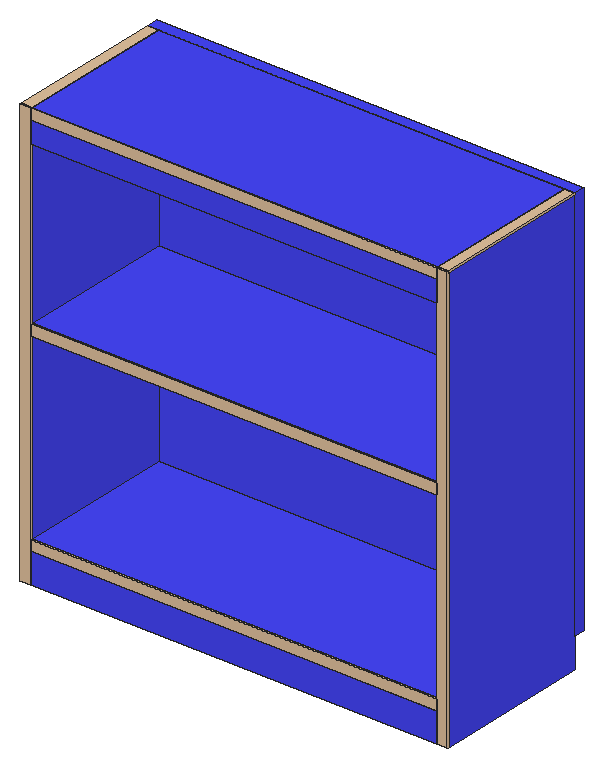
Revit family "Bookcases", category Generic Models, Revit 2012
Parameters (values of type "30"")
  Width = 30.00"
  URL = "http://www.wengercorp.com/Home/Contact.html"
  Trim Material = Trim
  Shelf Width = Width - 1.50"  # 28.50"
  Shelf Array = 3
  Part Number = "164D002"
  Panel Laminet = Panel
  Panel Depth = Depth - 0.75"  # 11.25"
  Model = "30\""
  Manufacturer = "Wenger Corporation"
  Height = 30.00"
  Description = "Bookcase"
  Depth = 12.00"
Types (4): name | Shelf Array | Part Number | Model | Height
  30" | 3 | "164D002" | "30\"" | 30.00"
  36" | 4 | "164D003" | "36\"" | 36.00"
  48" | 5 | "164D004" | "48\"" | 48.00"
  72" | 7 | "164D006" | "72\"" | 72.00"
Reference planes (in)
  plane 1 "Center (Front/Back)": y = 0
  plane 2: z = 0
  plane 3 "Center (Left/Right)": x = 0
  plane 4: y = 12
  plane 5: x = 30
  plane 6: z = 30
  plane 7: x = 0.75
  plane 8: x = 29.25
  plane 9: y = 11.25
  plane 10: z = 2.125
  plane 11: y = 0.75
  plane 12: z = 29.25
  plane 13: z = 27.75
Forms (in)
  Extrusion 1, solid, material "Panel" <- "Panel Laminet"
    sketch origin (0, 0, 0) x (1, 0, 0) y (0, 1, 0)
      loop
        line (0, 12) -> (0, 11.25) -> (30, 11.25) -> (30, 12) -> (0, 12)
    from 2.125 to 30 <- "Height"
  Extrusion 2, solid, material "Panel" <- "Panel Laminet"
    sketch origin (0, 0, 0) x (1, 0, 0) y (0, 1, 0)
      loop
        line (0.75, 0.75) -> (0.75, 0) -> (29.25, 0) -> (29.25, 0.75) -> (0.75, 0.75)
    from 0 to 2.125
  Extrusion 3, solid, material "Panel" <- "Panel Laminet"
    sketch origin (-10.24788, -180, 27.75) x (-1, 0, 0) y (0, -1, 0)
      loop
        line (-10.99788, -180.75) -> (-10.99788, -180) -> (-39.49788, -180) -> (-39.49788, -180.75) -> (-10.99788, -180.75)
    from 0 to 1.5
Dimensions and locks (in)
  "Width": plane 3 "Center (Left/Right)" to plane 5
  "Depth": plane 1 "Center (Front/Back)" to plane 4
  locked: plane 3 "Center (Left/Right)" to plane 7 at 0.75
  locked: plane 8 to plane 5 at 0.75
  locked: plane 4 to plane 9 at 0.75
  locked: plane 10 to level at 2.125
  locked: plane 11 to plane 1 "Center (Front/Back)" at 0.75
  equal spacing: group 1, group 3, group 2  (x3)
  "Height": plane 6 to level
  locked: plane 12 to plane 13 at 1.5
  locked: plane 6 to plane 12 at 0.75
  aligned and locked: plane 2 to level
  aligned and locked: plane 5 to nested 2
  aligned and locked: plane 3 "Center (Left/Right)" to nested 1
  aligned and locked: Extrusion 1 sketch curve to plane 4
  aligned and locked: plane 3 "Center (Left/Right)" to Extrusion 1 sketch curve
  aligned and locked: Extrusion 1 sketch curve to nested 2  (x2)
  aligned and locked: Extrusion 1 to plane 10
  aligned and locked: Extrusion 2 sketch curve to plane 11
  aligned and locked: plane 7 to Extrusion 2 sketch curve
  aligned and locked: Extrusion 2 sketch curve to nested 3
  aligned and locked: Extrusion 2 sketch curve to nested 2
  aligned and locked: plane 10 to Extrusion 2
  aligned and locked: plane 6 to nested 4
  aligned and locked: plane 12 to nested 4
  aligned and locked: plane 7 to Extrusion 3 sketch curve
  aligned and locked: Extrusion 3 sketch curve to plane 11
  aligned and locked: Extrusion 3 sketch curve to plane 1 "Center (Front/Back)"
  aligned and locked: Extrusion 3 sketch curve to plane 8
Nested families (in)
  nested 1: "Panel" at (0, 0, 0), type "Panel"
    with Panel Depth 11.25"
  nested 2: "Panel" at (29.25, 0, 0), type "Panel"
    with Panel Depth 11.25"
  nested 3: "Shelf" at (0.75, 0, 2.125), type "Shelf"
  nested 4: "Shelf" at (0.75, 0, 29.25), type "Shelf"
  nested 5: "Shelf" at (0.75, 0, 15.6875), type "Shelf"
Definition of nested family "Panel"
  Parameters (values of type "Panel")
    Trim Material = none
    Panel Width = 0.75"
    Shelf Material = none
    Panel Height trim = 30.00"
    Panel Depth = 12.00"
  Reference planes (in)
    plane 1 "Center (Front/Back)": y = 0
    plane 2: z = 0
    plane 3 "Center (Left/Right)": x = 0
    plane 4: y = 12
    plane 5: x = 0.75
    plane 6: y = 0.125
    plane 7: z = 29.875
    plane 8: z = 30
  Forms (in)
    Extrusion 1, solid, material <- "Shelf Material"
      sketch origin (0, 0, 0) x (1, 0, 0) y (0, 1, 0)
        loop
          line (0, 12) -> (0, 0.125) -> (0.75, 0.125) -> (0.75, 12) -> (0, 12)
      from 0 to 29.875
    Extrusion 2, solid, material <- "Trim Material"
      sketch origin (0, 0, 0) x (1, 0, 0) y (0, 1, 0)
        loop
          line (0, 0.125) -> (0, 0) -> (0.75, 0) -> (0.75, 0.125) -> (0, 0.125)
      from 0 to 30 <- "Panel Height trim"
    Extrusion 3, solid, material <- "Trim Material"
      sketch origin (0, -7.18285, 29.875) x (0, -1, 0) y (1, 0, 0)
        loop
          line (-19.18285, 0) -> (-7.30785, 0) -> (-7.30785, 0.75) -> (-19.18285, 0.75) -> (-19.18285, 0)
      from 0 to 0.125
  Dimensions and locks (in)
    "Panel Width": plane 3 "Center (Left/Right)" to plane 5
    "Panel Depth": plane 1 "Center (Front/Back)" to plane 4
    plane 1 "Center (Front/Back)" to plane 6 = 0.125"
    locked: plane 8 to plane 7 at 0.125
    "Panel Height trim": plane 8 to level
    locked: plane 1 "Center (Front/Back)" to plane 6 at 0.125
    aligned and locked: plane 2 to level
    aligned and locked: Extrusion 1 sketch curve to plane 4
    aligned and locked: plane 3 "Center (Left/Right)" to Extrusion 1 sketch curve
    aligned and locked: Extrusion 1 sketch curve to plane 5
    aligned and locked: plane 6 to Extrusion 1 sketch curve
    aligned and locked: Extrusion 2 sketch curve to Extrusion 1  (x2)
    aligned and locked: Extrusion 2 sketch curve to plane 1 "Center (Front/Back)"
    aligned and locked: Extrusion 2 sketch curve to plane 5
    aligned and locked: plane 7 to Extrusion 1
    aligned and locked: Extrusion 3 sketch curve to Extrusion 1  (x3)
    aligned and locked: plane 6 to Extrusion 3 sketch curve
Definition of nested family "Shelf"
  Parameters (values of type "Shelf")
    Trim Material = none
    Shelf Width = 28.50"
    Shelf Material = none
    Shelf Depth = 11.25"
  Reference planes (in)
    plane 1 "Center (Front/Back)": y = 0
    plane 2: z = 0
    plane 3 "Center (Left/Right)": x = 0
    plane 4: y = 11.25
    plane 5: x = 28.5
    plane 6: y = 0.125
  Forms (in)
    Extrusion 1, solid, material <- "Shelf Material"
      sketch origin (0, 0, 0) x (1, 0, 0) y (0, 1, 0)
        loop
          line (0, 11.25) -> (0, 0.125) -> (28.5, 0.125) -> (28.5, 11.25) -> (0, 11.25)
      from 0 to 0.75
    Extrusion 2, solid, material <- "Trim Material"
      sketch origin (0, 0, 0) x (1, 0, 0) y (0, 1, 0)
        loop
          line (0, 0.125) -> (0, 0) -> (28.5, 0) -> (28.5, 0.125) -> (0, 0.125)
      from 0 to 0.75
  Dimensions and locks (in)
    "Shelf Width": plane 3 "Center (Left/Right)" to plane 5
    "Shelf Depth": plane 1 "Center (Front/Back)" to plane 4
    locked: plane 1 "Center (Front/Back)" to plane 6 at 0.125
    aligned and locked: plane 2 to level
    aligned and locked: Extrusion 1 sketch curve to plane 4
    aligned and locked: plane 3 "Center (Left/Right)" to Extrusion 1 sketch curve
    aligned and locked: Extrusion 1 sketch curve to plane 5
    aligned and locked: plane 6 to Extrusion 1 sketch curve
    aligned and locked: Extrusion 2 sketch curve to Extrusion 1  (x2)
    aligned and locked: Extrusion 2 sketch curve to plane 1 "Center (Front/Back)"
    aligned and locked: Extrusion 2 sketch curve to plane 5
